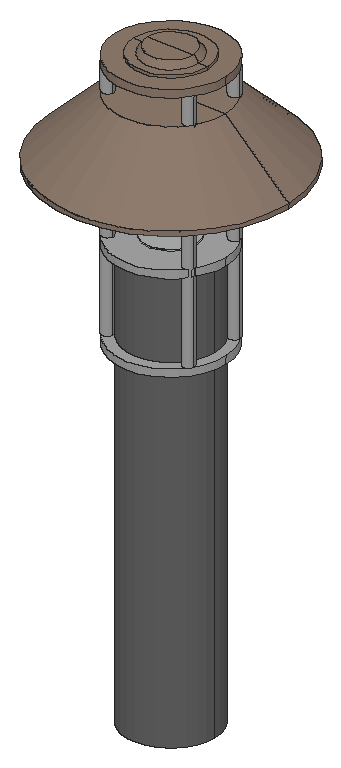
Revit family "SPB", category Lighting Fixtures, host Face, Revit 2021
Family settings
  Host = Face
  Round Connector Dimension = Use Diameter
  Part Type = Normal
  OmniClass Number = 23.80.70.00
  OmniClass Title = Lighting
  Cut with Voids When Loaded = No
  Light Source = Yes
  Shared = No
  Room Calculation Point = No
Parameters (values of type "SPB")
  Width = 7 1/2"
  Wattage Comments = "42W"
  Wattage = 42 W
  built-in parameter 1150110 = 1 (stored number, unit not read)
  Voltage = 120 V
  URL = "https://www.currentlighting.com/aal"
  Type Comments = "Lighting Fixture"  # constant formula
  built-in parameter 1114217 = 1 (stored number, unit not read)
  Tilt Angle = -90.00°
  built-in parameter 1150109 = 1 (stored number, unit not read)
  built-in parameter 1150134 = 3
  built-in parameter 1150113 = 1 (stored number, unit not read)
  Frame Material = Metal-Gray
  Copyrights = "Copyright © AAL"  # constant formula
  Contact Us = ""
  Body Material = Paint-Carbon Black
  Shaft Height = 42"
  Series = "Spectra Bollard"  # constant formula
  Product Page URL = ""
  Product Documentation Link = ""
  Power Factor = 1  # constant formula
  Photometric Web Link = ""
  Photometric Web File = "SPB.IES"
  Photometric Notes = "More IES files download on Photometric Web Link"  # constant formula
  OmniClass Title = "Lighting Bollard"  # constant formula
  OmniClass Number = "23.80.70.14.11.11"  # constant formula
  Number of Poles = 1
  Model = "SPB"  # constant formula
  MasterFormat Title = "Parking Lighting, Roadway Lighting, Site Lighting"  # constant formula
  Manufacturer = "Architectural Area Lighting"  # constant formula
  built-in parameter 1150105 = 59.659 (stored number, unit not read)
  Lumens = 749.7 lm
  built-in parameter 1150115 = 1 (stored number, unit not read)
  Load Classification = Lighting
  built-in parameter 1150137 = (empty or 0)
  built-in parameter 1150139 = (empty or 0)
  built-in parameter 1150112 = 1 (stored number, unit not read)
  built-in parameter 1150114 = 1 (stored number, unit not read)
  Lamp = "LED/COMPACT FLUORESCENT/METAL HALIDE/HIGH PRESSURE SODIUM"  # constant formula
  built-in parameter 1150132 = (empty or 0)
  built-in parameter 1150102 = (empty or 0)
  built-in parameter 1150107 = 3200 (stored number, unit not read)
  built-in parameter 1150138 = (empty or 0)
  built-in parameter 1150106 = 0.59659 (stored number, unit not read)
  Grille material = Metal-Bronze
  Glass Material = Glass-Clear
  Emit from Circle Diameter = 6"  # constant formula
  Emit Shape Visible in Rendering = no
  built-in parameter 1150104 = 1.6583 (stored number, unit not read)
  Dimming Lamp Color Temperature Shift = <None>
  Description = "Architectural Outdoor Lighting"  # constant formula
  Default Elevation = 0"
  Color Filter = 16777215
  built-in parameter 1114218 = 1 (stored number, unit not read)
  built-in parameter 1150133 = 10 (stored number, unit not read)
  Assembly Code = "D5020200"
  Apparent Load = 42 VA
Reference planes (in)
  plane 1 "Center (Front/Back)": y = 0
  plane 2: z = 0
  plane 3 "Center (Left/Right)": x = 0.25
  plane 4 "Top of Shaft": z = 42
  plane 5 "Left": x = -7.75
  plane 6 "Right": x = 8.25
  plane 7: x = -7
  plane 8: x = 7.5
  plane 9 "Back": y = 3.75
  plane 10 "Front": y = -3.75
  plane 11: z = 40
  plane 12: z = 34
  plane 13: z = 39
  plane 14: z = 35
  plane 15: x = -3.5
  plane 16: x = 4
Forms (in)
  Extrusion 1, solid, material "Metal-Bronze" <- "Grille material"
    sketch origin (0, 0, 42.5) x (-1, 0, 0) y (0, -1, 0)
      loop
        circle (-0.25, 0) r 3.75
    from -2.5 to -2
  Extrusion 2, solid, material "Paint-Carbon Black" <- "Body Material"
    sketch origin (0, 0, 42.5) x (-1, 0, 0) y (0, -1, 0)
      loop
        circle (-0.25, 0) r 3
    from -42.5 to -13.5
  Extrusion 3, solid, material "Metal-Gray" <- "Frame Material"
    sketch origin (0, 0, 25.5) x (-1, 0, 0) y (0, -1, 0)
      loop
        circle (-0.25, 0) r 3.75
    from -2.5 to -2
  Extrusion 4, solid, material "Metal-Gray" <- "Frame Material"
    sketch origin (0, 0, 31.5) x (-1, 0, 0) y (0, -1, 0)
      loop
        circle (-0.25, 0) r 3.75
    from -2.5 to -2
  Extrusion 5, solid, material "Metal-Gray" <- "Frame Material"
    sketch origin (0, 0, 42.5) x (-1, 0, 0) y (0, -1, 0)
      loop
        circle (2.50508, -1.9463) r 0.375
      loop
        circle (-3.00508, -1.9463) r 0.375
      loop
        circle (2.50508, 1.9463) r 0.375
      loop
        circle (-3.00508, 1.9463) r 0.375
    from -19 to -2.5
  Revolve 6, solid, material "Metal-Bronze" <- "Grille material"
    sketch origin (0, 0, -0.75) x (1, 0, 0) y (0, 0, 1)
      loop
        line (0.25, 39) -> (0.25, 38.79596) -> (4, 38.79596) -> (8.03125, 35.00184) -> (8.03125, 34.70221) -> (8.25, 34.70221) -> (8.25, 35) -> (4, 39) -> (0.25, 39)
      axis (0.25, 39) -> (0.25, 34.70221)
    angle from 0 to 360
  Revolve 7, solid, material "Glass-Clear" <- "Glass Material"
    sketch origin (0, 0, 0) x (1, 0, 0) y (0, 0, 1)
      loop
        line (0.25, 29.5) -> (2, 29.5) -> (2, 29.61644) -> (1.06492, 31.30337) -> (1.5, 31.30337) -> (1.5, 31.43693) -> (0.25, 31.43693) -> (0.25, 29.5)
      loop
        line (0.25, 31.49101) -> (1.25, 31.49101)
        arc (1.25, 31.49101) -> (1.5, 31.74101) -> (1.25, 31.99101) r 0.25
        arc (1.25, 31.99101) -> (1.5, 32.24101) -> (1.25, 32.49101) r 0.25
        arc (1.25, 32.49101) -> (1.5, 32.74101) -> (1.25, 32.99101) r 0.25
        arc (1.25, 32.99101) -> (1.5, 33.24101) -> (1.25, 33.49101) r 0.25
        arc (1.25, 33.49101) -> (1.5, 33.74101) -> (1.25, 33.99101) r 0.25
        arc (1.25, 33.99101) -> (1.5, 34.24101) -> (1.25, 34.49101) r 0.25
        arc (1.25, 34.49101) -> (1.5, 34.74101) -> (1.25, 34.99101) r 0.25
        arc (1.25, 34.99101) -> (1.5, 35.24101) -> (1.25, 35.49101) r 0.25
        arc (1.25, 35.49101) -> (1.5, 35.74101) -> (1.25, 35.99101) r 0.25
        arc (1.25, 35.99101) -> (1.5, 36.24101) -> (1.25, 36.49101) r 0.25
        arc (1.25, 36.49101) -> (1.5, 36.74101) -> (1.25, 36.99101) r 0.25
        arc (1.25, 36.99101) -> (1.5, 37.24101) -> (1.25, 37.49101) r 0.25
        arc (1.25, 37.49101) -> (1.5, 37.74101) -> (1.25, 37.99101) r 0.25
        line (1.25, 37.99101) -> (0.25, 37.99101) -> (0.25, 31.49101)
      axis (0.25, 37.99101) -> (0.25, 29.5)
    angle from 0 to 360
  Revolve 8, solid, material "Metal-Bronze" <- "Grille material"
    sketch origin (0, 0, 0) x (1, 0, 0) y (0, 0, 1)
      loop
        line (0.25, 38.24101) -> (2.41107, 40) -> (0.25, 40) -> (0.25, 38.24101)
      loop
        line (0.25, 40.5) -> (2.75, 40.5) -> (2.75, 40.66292) -> (2.12069, 40.66292) -> (1.80603, 41.05149) -> (0.25, 41.05149) -> (0.25, 40.5)
      axis (0.25, 41.05149) -> (0.25, 38.24101)
    angle from 0 to 360
Dimensions and locks (in)
  equal spacing: plane 5 "Left", plane 3 "Center (Left/Right)", plane 6 "Right"
  plane 5 "Left" to plane 6 "Right" = 16"  (x2)
  "Shaft Height": plane 4 "Top of Shaft" to plane 2
  equal spacing: plane 7, plane 3 "Center (Left/Right)", plane 8
  plane 7 to plane 8 = 14 1/2"
  plane 4 "Top of Shaft" to plane 11 = 2"
  plane 11 to plane 12 = 6"
  plane 4 "Top of Shaft" to plane 2 = 42"
  plane 11 to plane 2 = 40"
  plane 12 to plane 2 = 34"
  locked: plane 14 to plane 12 at 1
  locked: plane 11 to plane 13 at 1
  plane 9 "Back" to plane 10 "Front" = 7 1/2"
  equal spacing: plane 9 "Back", plane 1 "Center (Front/Back)", plane 10 "Front"
  plane 15 to plane 16 = 7 1/2"
  aligned and locked: plane 2 to host face
  aligned and locked: level to host face
  aligned and locked: plane 1 "Center (Front/Back)" to imposter light
  aligned and locked: imposter light to plane 3 "Center (Left/Right)"
  aligned and locked: imposter light to plane 11
Automatic sketch dimensions
  host sketch curve to host sketch curve = 96"  (x2)
  plane 1 "Center (Front/Back)" to Extrusion 1 sketch curve = 0"
  Extrusion 1 sketch curve to plane 3 "Center (Left/Right)" = 0"
  plane 1 "Center (Front/Back)" to Extrusion 2 sketch curve = 0"
  Extrusion 2 sketch curve to plane 3 "Center (Left/Right)" = 0"
  plane 1 "Center (Front/Back)" to Extrusion 3 sketch curve = 0"
  Extrusion 3 sketch curve to plane 3 "Center (Left/Right)" = 0"
  plane 1 "Center (Front/Back)" to Extrusion 4 sketch curve = 0"
  Extrusion 4 sketch curve to plane 3 "Center (Left/Right)" = 0"
  Extrusion 5 sketch curve to plane 16 = 0.99492"  (x2)
  plane 15 to Extrusion 5 sketch curve = 0.99492"  (x2)
  Extrusion 5 sketch curve to plane 9 "Back" = 1.8037"  (x2)
  plane 10 "Front" to Extrusion 5 sketch curve = 1.8037"  (x2)
  Revolve 6 sketch curve to plane 3 "Center (Left/Right)" = 0"  (x2)
  Revolve 6 sketch curve to plane 16 = 0"
  plane 16 to Revolve 6 sketch curve = 0"
  plane 6 "Right" to Revolve 6 sketch curve = 0"
  plane 6 "Right" to Revolve 6 sketch curve = 7/32"
  Revolve 6 sketch curve to plane 12 = 0.04779"
  Revolve 6 sketch curve to plane 13 = 0.95404"
  Revolve 6 sketch curve to Revolve 6 sketch curve = 0.20404"
  level to Revolve 6 sketch curve = 9 1/4"
  plane 4 "Top of Shaft" to Revolve 6 sketch curve = 12 1/4"
  Revolve 6 sketch curve to Revolve 6 sketch curve = 0.29963"
  Revolve 6 sketch curve to Revolve 6 sketch curve = 0.29779"
  Revolve 7 sketch curve to plane 3 "Center (Left/Right)" = 0"  (x3)
  plane 3 "Center (Left/Right)" to Revolve 7 sketch curve = 0.81492"
  plane 3 "Center (Left/Right)" to Revolve 7 sketch curve = 1"  (x2)
  Revolve 7 sketch curve to Revolve 7 sketch curve = 0"  (x21)
  Revolve 7 sketch curve to Revolve 7 sketch curve = 0.18508"
  Revolve 7 sketch curve to Revolve 7 sketch curve = 1/4"  (x4)
  Revolve 7 sketch curve to Revolve 7 sketch curve = 1 3/4"
  Revolve 7 sketch curve to plane 12 = 4 1/2"
  Revolve 7 sketch curve to Revolve 7 sketch curve = 0.11644"
  Revolve 7 sketch curve to Revolve 7 sketch curve = 1.68693"
  Revolve 7 sketch curve to Revolve 7 sketch curve = 0.13356"
  Revolve 7 sketch curve to Revolve 7 sketch curve = 0.05409"
  Revolve 7 sketch curve to Revolve 7 sketch curve = 1/2"  (x7)
  Revolve 7 sketch curve to plane 12 = 0.25899"
  plane 12 to Revolve 7 sketch curve = 0.24101"
  Revolve 7 sketch curve to plane 14 = 0.25899"
  plane 14 to Revolve 7 sketch curve = 0.24101"
  Revolve 7 sketch curve to level = 19.42928"
  plane 4 "Top of Shaft" to Revolve 7 sketch curve = 33.85205"
  Revolve 8 sketch curve to plane 3 "Center (Left/Right)" = 0"  (x3)
  Revolve 8 sketch curve to plane 11 = 0"
  plane 3 "Center (Left/Right)" to Revolve 8 sketch curve = 1.55603"
  plane 11 to Revolve 8 sketch curve = 0.66292"
  Revolve 8 sketch curve to Revolve 8 sketch curve = 0.31466"
  Revolve 8 sketch curve to Revolve 8 sketch curve = 0.29038"
  Revolve 8 sketch curve to Revolve 8 sketch curve = 0.62931"
  Revolve 8 sketch curve to plane 13 = 0.75899"
  Revolve 8 sketch curve to Revolve 8 sketch curve = 0.16292"
  Revolve 8 sketch curve to Revolve 8 sketch curve = 0.38857"
  Revolve 8 sketch curve to plane 12 = 3 1/2"
  plane 4 "Top of Shaft" to Revolve 8 sketch curve = 1 1/2"
  radius of Extrusion 1 sketch curve = 3 3/4"
  radius of Extrusion 2 sketch curve = 3"
  radius of Extrusion 3 sketch curve = 3 3/4"
  radius of Extrusion 4 sketch curve = 3 3/4"
  radius of Extrusion 5 sketch curve = 3/8"  (x4)
Connectors (in)
  electrical at (0.25, 0, 0), driven by "Apparent Load", driven by "Voltage"
    settings: on Extrusion 2, index 1, voltage 120 V, apparent load 42 VA, apparent load phase1 0 VA, apparent load phase2 0 VA, apparent load phase3 0 VA, power factor 1, load classification "Other", number of poles 1, system type 30, power factor state 1, is connector primary yes, connector utility no, sub classification motor no, connector description "Light Fixture Connector"
